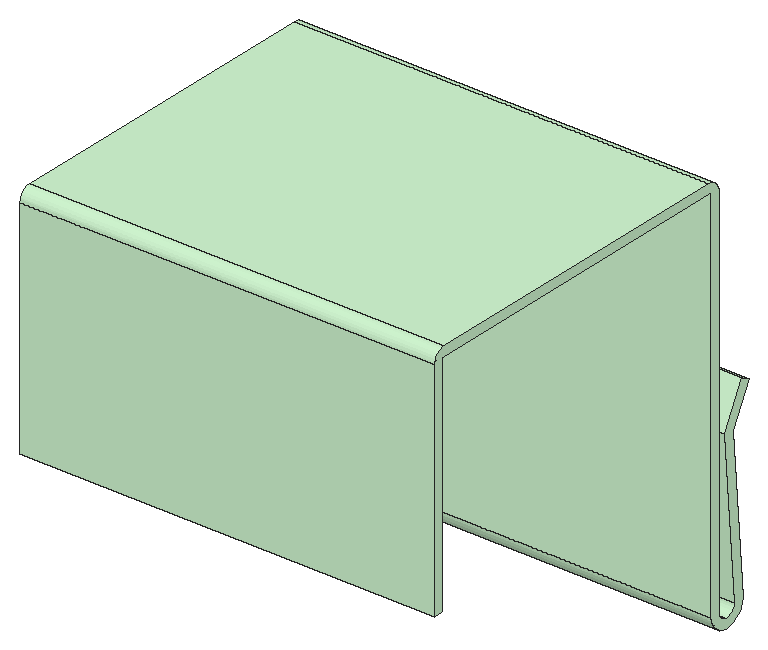
Revit family "SQ-スペーサーW30", category 機械設備, Revit 2020
Family settings
  丸型コネクタ寸法 = 直径を使用
  種別 = なし
  パーツ タイプ = 標準
  作業面ベース = いいえ
  常に垂直 = はい
  ロード時にボイドで切り取り = いいえ
  共有 = いいえ
  部屋計算ポイント = いいえ
Parameters
  製造元 = "株式会社桐井製作所"
  既定の高さ = 0 mm
  URL = "https://www.kirii.co.jp/"
  K_材質 = "溶融亜鉛めっき鋼板"
  K_品名 = "SQ-スペーサーW30"
  K_名称 = "SQ-BAR関連部材"
  K_入数 = "400"
  K_バージョン情報 = "20210524"
Reference planes
  plane 1 "中心(正面/背面)": y = 0
  plane 2: z = 0
  plane 3 "中心(左/右)": x = 0
Forms (mm)
  Extrusion 1, solid
    sketch origin (-17.5, 0, 0) x (0, 1, 0) y (0, 0, 1)
      loop
        line (-1.685, 34.5) -> (-29.685, 34.5)
        arc (-29.685, 34.5) -> (-30.393, 34.206) -> (-30.685, 33.498) r 1
        line (-30.685, 33.498) -> (-30.685, 14.5) -> (-29.885, 14.5) -> (-29.885, 33.7) -> (-1.485, 33.7) -> (-1.485, 1.6)
        arc (-1.485, 1.6) -> (-0.957, 0.494) -> (0.165, 0) r 1.763
        arc (0.165, 0) -> (1.286, 0.494) -> (1.815, 1.6) r 1.763
        line (1.815, 1.6) -> (0.815, 14.7) -> (2.436, 17.942) -> (1.72, 18.3) -> (0, 14.86) -> (1.013, 1.588)
        arc (1.013, 1.588) -> (0.733, 1.039) -> (0.165, 0.8) r 0.897
        arc (0.165, 0.8) -> (-0.408, 1.043) -> (-0.685, 1.6) r 0.897
        line (-0.685, 1.6) -> (-0.685, 33.5)
        arc (-0.685, 33.5) -> (-0.978, 34.207) -> (-1.685, 34.5) r 1
    from 0 to 35
Dimensions and locks
  aligned and locked: level to plane 2
